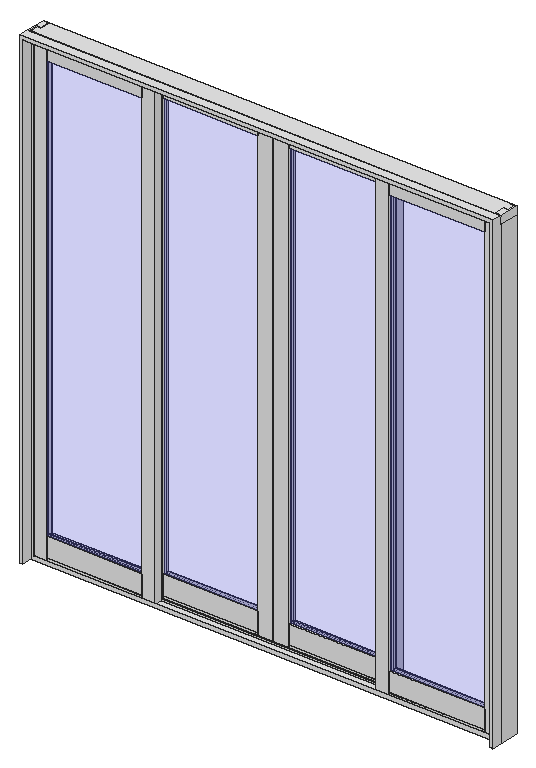
Revit family "Door-Sliding-All_Weather-Series_8100-Bi-Parting", category Doors, host Wall, Revit 2026 (continued)
Definition of nested family "Nested-Panel-All_Weather-Series_8100"
  Definition of nested family "Detail-All_Weather-Series_8100_Post_Right"
    Dimensions and locks (in)
      Masking region 4 sketch curve to plane 5 "Front" to Masking region 4 sketch curve to Masking region 4 sketch curve to Masking region 4 sketch curve to Masking region 4 sketch curve to Masking region 4 sketch curve to Masking region 4 sketch curve to Masking region 4 sketch curve to Masking region 4 sketch curve to Masking region 4 sketch curve to Masking region 4 sketch curve to Masking region 4 sketch curve to Masking region 4 sketch curve to Masking region 4 sketch curve to Masking region 4 sketch curve to Masking region 4 sketch curve to Masking region 4 sketch curve to Masking region 4 sketch curve to Masking region 4 sketch curve to Masking region 4 sketch curve to Masking region 4 sketch curve to Masking region 4 sketch curve to Masking region 4 sketch curve to Masking region 4 sketch curve to Masking region 4 sketch curve to Masking region 4 sketch curve to Masking region 4 sketch curve to Masking region 4 sketch curve to Masking region 4 sketch curve to Masking region 4 sketch curve to Masking region 4 sketch curve to Masking region 4 sketch curve to Masking region 4 sketch curve to Masking region 4 sketch curve to Masking region 4 sketch curve to Masking region 4 sketch curve to Masking region 4 sketch curve to Masking region 4 sketch curve to Masking region 4 sketch curve to Masking region 4 sketch curve to Masking region 4 sketch curve to Masking region 4 sketch curve to Masking region 4 sketch curve to Masking region 4 sketch curve to Masking region 4 sketch curve to Masking region 4 sketch curve to Masking region 4 sketch curve to Masking region 4 sketch curve to Masking region 4 sketch curve to Masking region 4 sketch curve to Masking region 4 sketch curve to Masking region 4 sketch curve to Masking region 4 sketch curve to Masking region 4 sketch curve to Masking region 4 sketch curve to Masking region 4 sketch curve to Masking region 4 sketch curve to Masking region 4 sketch curve to Masking region 4 sketch curve to Masking region 4 sketch curve to Masking region 4 sketch curve to Masking region 4 sketch curve to Masking region 4 sketch curve to Masking region 4 sketch curve to Masking region 4 sketch curve to Masking region 4 sketch curve to Masking region 4 sketch curve to Masking region 4 sketch curve to Masking region 4 sketch curve to Masking region 4 sketch curve to Masking region 4 sketch curve to Masking region 4 sketch curve to Masking region 4 sketch curve to Masking region 4 sketch curve to Masking region 4 sketch curve to Masking region 4 sketch curve to Masking region 4 sketch curve to Masking region 4 sketch curve to Masking region 4 sketch curve to Masking region 4 sketch curve to Masking region 4 sketch curve to Masking region 4 sketch curve to Masking region 4 sketch curve to Masking region 4 sketch curve to Masking region 4 sketch curve = 0' - 0.00008" locked, 0' - 0.0359" locked, 0' - 0.03606" locked, 0' - 0.02743" locked, 0' - 0.05308" locked, 0' - 0", 0' - 0", 0' - 0" locked, 0' - 0" locked, 0' - 0.00188" locked, 0' - 0.012" locked, 0' - 0.02" locked, 0' - 0.00969" locked, 0' - 0" locked, 0' - 0" locked, 0' - 0" locked, 0' - 0.00231" locked, 0' - 0.00072" locked, 0' - 0.09784" locked, 0' - 0.00212" locked, 0' - 0.00415" locked, 0' - 0.02031" locked, 0' - 0.01893" locked, 0' - 0.00682" locked, 0' - 0.07255" locked, 0' - 0.00106" locked, 0' - 0.06668" locked, 0' - 0.01343" locked, 0' - 0.04776" locked, 0' - 0.00237" locked, 0' - 0.29744" locked, 0' - 0.07951" locked, 0' - 0.00941" locked, 0' - 0.00189" locked, 0' - 0.06262" locked, 0' - 0.0062" locked, 0' - 0.00485" locked, 0' - 0.01906" locked, 0' - 0.00687" locked, 0' - 0.0297" locked, 0' - 0.00106" locked, 0' - 0.07024" locked, 0' - 0.00231" locked, 0' - 0.00682" locked, 0' - 0.00189" locked, 0' - 0.03081" locked, 0' - 0.0107" locked, 0' - 0.03551" locked, 0' - 0.0065" locked, 0' - 0.00047" locked, 0' - 0.05479" locked, 0' - 0.00111" locked, 0' - 0.00702" locked, 0' - 0.00231" locked, 0' - 0" locked, 0' - 0" locked, 0' - 0" locked, 0' - 0.00183" locked, 0' - 0.02" locked, 0' - 0.01178" locked, 0' - 0.00995" locked, 0' - 0" locked, 0' - 0" locked, 0' - 0" locked, 0' - 0" locked, 0' - 0.0362" locked, 0' - 0.00013" locked, 0' - 0.02445" locked, 0' - 0.03609" locked, 0' - 0.00581" locked, 0' - 0.00665" locked, 0' - 0.00145" locked, 0' - 0" locked, 0' - 0.03388" locked, 0' - 0" locked, 0' - 0.00044" locked, 0' - 0" locked, 0' - 0.06212" locked, 0' - 0.03727" locked, 0' - 0.08051" locked, 0' - 0.01807" locked, 0' - 0.05352" locked, 0' - 0.00916" locked, 0' - 0.03931" locked, 0' - 0.02354" locked
      Masking region 4 sketch curve to Masking region 4 sketch curve to Masking region 4 sketch curve to Masking region 4 sketch curve to Masking region 4 sketch curve to Masking region 4 sketch curve to Masking region 4 sketch curve to Masking region 4 sketch curve to Masking region 4 sketch curve to Masking region 4 sketch curve to Masking region 4 sketch curve to Masking region 4 sketch curve to Masking region 4 sketch curve to Masking region 4 sketch curve to Masking region 4 sketch curve to Masking region 4 sketch curve to Masking region 4 sketch curve to Masking region 4 sketch curve to Masking region 4 sketch curve to Masking region 4 sketch curve to Masking region 4 sketch curve to Masking region 4 sketch curve to Masking region 4 sketch curve to Masking region 4 sketch curve to Masking region 4 sketch curve to Masking region 4 sketch curve to Masking region 4 sketch curve to Masking region 4 sketch curve to Masking region 4 sketch curve to Masking region 4 sketch curve to Masking region 4 sketch curve to Masking region 4 sketch curve to Masking region 4 sketch curve to Masking region 4 sketch curve to Masking region 4 sketch curve to Masking region 4 sketch curve to Masking region 4 sketch curve to Masking region 4 sketch curve to Masking region 4 sketch curve to Masking region 4 sketch curve to Masking region 4 sketch curve to Masking region 4 sketch curve to Masking region 4 sketch curve to Masking region 4 sketch curve to Masking region 4 sketch curve to Masking region 4 sketch curve to Masking region 4 sketch curve to Masking region 4 sketch curve to Masking region 4 sketch curve to Masking region 4 sketch curve to Masking region 4 sketch curve to Masking region 4 sketch curve to Masking region 4 sketch curve to Masking region 4 sketch curve to Masking region 4 sketch curve to Masking region 4 sketch curve to Masking region 4 sketch curve to Masking region 4 sketch curve to Masking region 4 sketch curve to Masking region 4 sketch curve to Masking region 4 sketch curve to Masking region 4 sketch curve to Masking region 4 sketch curve to Masking region 4 sketch curve to Masking region 4 sketch curve to Masking region 4 sketch curve to Masking region 4 sketch curve to Masking region 4 sketch curve to plane 4 "Top" = 0' - 0.07204" locked, 0' - 0.00747" locked, 0' - 0.27829" locked, 0' - 0" locked, 0' - 0.11803" locked, 0' - 0.03106" locked, 0' - 0.06212" locked, 0' - 0.17425" locked, 0' - 0" locked, 0' - 0" locked, 0' - 0.06701" locked, 0' - 0.0125" locked, 0' - 0.01831" locked, 0' - 0.01065" locked, 0' - 0.00786" locked, 0' - 0.39288" locked, 0' - 0" locked, 0' - 0" locked, 0' - 0" locked, 0' - 0.07517" locked, 0' - 0" locked, 0' - 0.04281" locked, 0' - 0.00122" locked, 0' - 0.0083" locked, 0' - 0" locked, 0' - 0.07255" locked, 0' - 0" locked, 0' - 0.0153" locked, 0' - 0.01001" locked, 0' - 0.02064" locked, 0' - 0.02396" locked, 0' - 0.02985" locked, 0' - 0.0027" locked, 0' - 0.00677" locked, 0' - 0.00434" locked, 0' - 0.00783" locked, 0' - 0.01064" locked, 0' - 0.0268" locked, 0' - 0.003" locked, 0' - 0.07718" locked, 0' - 0.00069" locked, 0' - 0" locked, 0' - 0.00434" locked, 0' - 0.06818" locked, 0' - 0.00262" locked, 0' - 0.00122" locked, 0' - 0.02738" locked, 0' - 0.01476" locked, 0' - 0.00312" locked, 0' - 0.00467" locked, 0' - 0.1976" locked, 0' - 0.06328" locked, 0' - 0.0339" locked, 0' - 0.0601" locked, 0' - 0.0339" locked, 0' - 0.0601" locked, 0' - 0.0339" locked, 0' - 0.0601" locked, 0' - 0.02645" locked, 0' - 0.00744" locked, 0' - 0.0601" locked, 0' - 0.0339" locked, 0' - 0.00226" locked, 0' - 0.04456" locked, 0' - 0.02" locked, 0' - 0.01987" locked, 0' - 0" locked, 0' - 0.04124" locked
      Masking region 9 sketch curve to Masking region 9 sketch curve to plane 4 "Top" to Masking region 9 sketch curve to Masking region 9 sketch curve to Masking region 9 sketch curve to Masking region 9 sketch curve = 0' - 0.00025" locked, 0' - 0.075" locked, 0' - 0.06111" locked, 0' - 0" locked, 0' - 0.62125" locked, 0' - 0.10216" locked
      plane 5 "Front" to Masking region 9 sketch curve to Masking region 9 sketch curve to Masking region 9 sketch curve to Masking region 9 sketch curve to Masking region 9 sketch curve to Masking region 9 sketch curve = 0' - 0.11224" locked, 0' - 0.04023" locked, 0' - 0.09593" locked, 0' - 0.99987" locked, 0' - 0.09748" locked, 0' - 0.03893" locked
      plane 1 "Center (Front/Back)" to Masking region 8 sketch curve to Masking region 8 sketch curve to Masking region 8 sketch curve to Masking region 8 sketch curve to Masking region 8 sketch curve to Masking region 8 sketch curve to Masking region 8 sketch curve to Masking region 8 sketch curve to Masking region 8 sketch curve to Masking region 8 sketch curve = 0' - 0.01988" locked, 0' - 0.05963" locked, 0' - 0.03713" locked, 0' - 0.03052" locked, 0' - 0.04224" locked, 0' - 0.12424" locked, 0' - 0.04224" locked, 0' - 0.02674" locked, 0' - 0.01799" locked, 0' - 0.10244" locked
      Masking region 8 sketch curve to Masking region 8 sketch curve to Masking region 8 sketch curve to Masking region 8 sketch curve to Masking region 8 sketch curve to Masking region 8 sketch curve to Masking region 8 sketch curve to Masking region 8 sketch curve to Masking region 8 sketch curve to Masking region 8 sketch curve to plane 6 "Back" = 0' - 0.0497" locked, 0' - 0.14014" locked, 0' - 0.03313" locked, 0' - 0.02651" locked, 0' - 0" locked, 0' - 0.01733" locked, 0' - 0" locked, 0' - 0.03568" locked, 0' - 0" locked, 0' - 0.0973" locked
      Masking region 10 sketch curve to Masking region 10 sketch curve to Masking region 10 sketch curve to plane 6 "Back" to Masking region 10 sketch curve = 0' - 0 1/32" locked, 0' - 0" locked, 0' - 0.14555" locked, 0' - 0.11615" locked
      Masking region 10 sketch curve to Masking region 10 sketch curve to Masking region 10 sketch curve to Masking region 10 sketch curve to plane 1 "Center (Front/Back)" = 0' - 0.05344" locked, 0' - 0 5/64" locked, 0' - 0.05344" locked, 0' - 0.15902" locked
      Masking region 11 sketch curve to Masking region 11 sketch curve to Masking region 11 sketch curve to Masking region 11 sketch curve to plane 6 "Back" = 0' - 0 1/32" locked, 0' - 0" locked, 0' - 0 43/256" locked, 0' - 0.28487" locked
      plane 4 "Top" to Masking region 11 sketch curve to Masking region 11 sketch curve to Masking region 11 sketch curve to Masking region 11 sketch curve = 0' - 0.13731" locked, 0' - 0.05344" locked, 0' - 0 5/64" locked, 0' - 0.05344" locked
      aligned and locked: Masking region 7 sketch curve to plane 4 "Top"
      aligned and locked: Masking region 7 sketch curve to plane 5 "Front"
      aligned and locked: Masking region 7 sketch curve to plane 1 "Center (Front/Back)"
    Automatic sketch dimensions
      Masking region 6 sketch curve to plane 7 "Glass Front" = 0' - 0.04445"
      Masking region 6 sketch curve to Masking region 6 sketch curve = 0' - 0.0008"  (x2)
      Masking region 6 sketch curve to Masking region 6 sketch curve = 0' - 0.00106"
      Masking region 6 sketch curve to Masking region 6 sketch curve = 0' - 0.0315"  (x2)
      Masking region 6 sketch curve to Masking region 6 sketch curve = 0' - 0.01575"  (x2)
      Masking region 6 sketch curve to Masking region 6 sketch curve = 0' - 0.03937"
      Masking region 6 sketch curve to Masking region 6 sketch curve = 0' - 0"  (x8)
      Masking region 8 sketch curve to Masking region 8 sketch curve = 0' - 0.02485"
      Masking region 8 sketch curve to Masking region 8 sketch curve = 0' - 0.0001"
      Masking region 8 sketch curve to Masking region 8 sketch curve = 0' - 0.00013"
      Masking region 4 sketch curve to Masking region 4 sketch curve = 0' - 0.02205"
      Masking region 4 sketch curve to Masking region 4 sketch curve = 0' - 0.0677"
      Masking region 4 sketch curve to Masking region 4 sketch curve = 0' - 0.02745"
      Masking region 4 sketch curve to Masking region 4 sketch curve = 0' - 0.01787"
      Masking region 4 sketch curve to Masking region 4 sketch curve = 0' - 0.04969"
      Masking region 4 sketch curve to Masking region 4 sketch curve = 0' - 0.03205"
      Masking region 4 sketch curve to Masking region 4 sketch curve = 0' - 0.01947"
      plane 3 "Glass Intersection" to Masking region 4 sketch curve = 0' - 0.0697"
      Masking region 4 sketch curve to Masking region 4 sketch curve = 0' - 0.06328"
      Masking region 4 sketch curve to Masking region 4 sketch curve = 0' - 0.0339"  (x4)
      Masking region 4 sketch curve to Masking region 4 sketch curve = 0' - 0.0601"  (x4)
      Masking region 4 sketch curve to Masking region 4 sketch curve = 0' - 0.01001"
      Masking region 4 sketch curve to Masking region 4 sketch curve = 0' - 0.05"
      Masking region 4 sketch curve to Masking region 4 sketch curve = 0' - 0.12"
      Masking region 4 sketch curve to Masking region 4 sketch curve = 0' - 0.00117"
      Masking region 4 sketch curve to Masking region 4 sketch curve = 0' - 0.03114"
      Masking region 4 sketch curve to Masking region 4 sketch curve = 0' - 0.01087"
      Masking region 4 sketch curve to Masking region 4 sketch curve = 0' - 0.04957"
      Masking region 4 sketch curve to plane 4 "Top" = 0' - 0.03444"
      Masking region 4 sketch curve to Masking region 4 sketch curve = 0' - 0 1/256"
      Masking region 4 sketch curve to Masking region 4 sketch curve = 0' - 0"  (x2)
      Masking region 11 sketch curve to Masking region 11 sketch curve = 0' - 0.00916"
      Masking region 11 sketch curve to Masking region 11 sketch curve = 0' - 0.09645"
      Masking region 10 sketch curve to plane 1 "Center (Front/Back)" = 0' - 0.19819"
      Masking region 10 sketch curve to Masking region 10 sketch curve = 0' - 0.10668"
  Definition of nested family "Detail-All_Weather-Series_8100_Door_Header"
    Parameters (values of type "Jamb")
      URL = "https://www.allweatheraa.com/"
      Type Comments = "3 in Ultraglide Rollers"  # constant formula
      Thickness = 0' - 1 1/2"
      Specification = ""
      Profile Offset = 0' - 1 9/256"  # constant formula
      Product Page URL = "https://www.allweatheraa.com/download/4291/"
      Product Name = "Series 8100"  # constant formula
      Product Documentation Link = "https://www.allweatheraa.com/download/4291/"
      Nail Fin Offset = 0' - 1 33/128"  # constant formula
      Jamb = no
      Header = not(Jamb)  # yes
      Model = "Sliding Door"  # constant formula
      Manufacturer = "All Weather Architectural Aluminum"  # constant formula
      Height = 0' - 3 23/128"  # constant formula
      Glass Thickness = 0' - 1"  # constant formula
      Glass = no
      Description = "Jamb"
      Assembly Code = "B2020100"
    Types (2): name | Product Page URL | Description
      Jamb | "https://www.allweatheraa.com/download/4291/" | "Jamb"
      Header | "https://www.allweatheraa.com/doors/series-8100-sliding-doors/" | "Header"
    Reference planes (in)
      plane 1 "Center (Front/Back)": y = -0.67969
      plane 2: z = 0
      plane 3 "Glass Intersection": y = 1.839
      plane 4 "Top": y = 2.5
      plane 5 "Front": x = -1.41797
      plane 6 "Back": x = 0.08205
      plane 7 "Glass Front": x = -1.16804
      plane 8 "Glass Back": x = -0.16804
    Lines and regions (in)
      Masking region 1, in view "Ref. Level", visible <- "Glass", detail levels medium+fine
        outline origin (0.32906, -0.0985, 0) x (1, 0, 0) y (0, 1, 0)
          loop
            line (-1.49711, 3.0985) -> (-1.49711, 1.9375) -> (-1.31827, 1.9375) -> (-1.31827, 3.0985) -> (-1.49711, 3.0985)
          loop
            line (-0.49711, 3.0985) -> (-0.67595, 3.0985) -> (-0.67595, 1.9375) -> (-0.49711, 1.9375) -> (-0.49711, 3.0985)
      Masking region 2, in view "Ref. Level", detail levels fine
        outline origin (0.32906, -0.0985, 0) x (1, 0, 0) y (0, 1, 0)
          loop
            line (-1.31827, 1.95572) -> (-0.67427, 1.95572) -> (-0.67427, 2.1811) -> (-0.70632, 2.1811) -> (-0.70632, 1.9861) -> (-1.28621, 1.9861) -> (-1.28621, 2.1811) -> (-1.31827, 2.1811) -> (-1.31827, 1.95572)
      Masking region 3, in view "Ref. Level", detail levels medium+fine
        outline origin (0.32906, -0.0985, 0) x (1, 0, 0) y (0, 1, 0)
          loop
            line (-1.28621, 2.2971) -> (-1.28621, 1.9861) -> (-0.70632, 1.9861) -> (-0.70632, 2.2971) -> (-1.28621, 2.2971)
          loop
            line (-0.72032, 2.2831) -> (-1.27221, 2.2831) -> (-1.27221, 2.0001) -> (-0.72032, 2.0001) -> (-0.72032, 2.2831)
      Masking region 4, in view "Ref. Level", detail levels medium+fine
        outline origin (-0.99381, 0, 0) x (1, 0, 0) y (0, 1, 0)
          loop
            arc (-0.42416, -0.6197) -> (-0.40541, -0.6629) -> (-0.36157, -0.67969) r 0.06002
            arc (-0.36157, -0.67969) -> (-0.33965, -0.67061) -> (-0.33016, -0.64868) r 0.03101
            line (-0.33016, -0.64868) -> (-0.33016, -0.42982) -> (-0.19159, -0.43487) -> (-0.22118, -0.30581) -> (-0.3021, -0.37372) -> (-0.3021, -0.15701) -> (-0.20502, -0.22107) -> (-0.20502, -0.09816) -> (0.00044, -0.09816) -> (0.00044, 0.29277) -> (0.15762, 0.29277) -> (0.15762, -0.09816) -> (0.22215, -0.09816) -> (0.22215, 0.37229) -> (-0.00148, 0.37229) -> (-0.00148, 1.09215)
            arc (-0.00148, 1.09215) -> (0.0073, 1.11369) -> (0.02863, 1.12296) r 0.03081
            arc (0.02863, 1.12296) -> (0.16708, 1.21722) -> (0.13768, 1.38212) r 0.15405
            arc (0.13768, 1.38212) -> (0.08851, 1.3838) -> (0.08683, 1.33463) r 0.03479
            arc (0.08683, 1.33463) -> (0.02509, 1.19249) -> (-0.03666, 1.33463) r 0.08448
            arc (-0.03666, 1.33463) -> (-0.03771, 1.3832) -> (-0.08628, 1.38336) r 0.03479
            line (-0.08628, 1.38336) -> (-0.20382, 1.38336) -> (-0.20382, 1.50215) -> (-0.3021, 1.44541) -> (-0.3021, 1.65377) -> (-0.22168, 1.59121) -> (-0.14241, 1.71382) -> (-0.33016, 1.70687) -> (-0.33016, 1.924) -> (-0.2205, 1.924) -> (-0.27216, 1.99) -> (-0.27216, 2.02119) -> (-0.223, 2.02119) -> (-0.27216, 2.084) -> (-0.27216, 2.11519) -> (-0.223, 2.11519) -> (-0.27216, 2.178) -> (-0.27216, 2.20919) -> (-0.223, 2.20919) -> (-0.27216, 2.272) -> (-0.27216, 2.30319) -> (-0.223, 2.30319) -> (-0.27216, 2.366) -> (-0.27216, 2.39719) -> (-0.23616, 2.39719) -> (-0.23616, 2.464) -> (-0.35698, 2.464) -> (-0.38816, 2.482)
            arc (-0.38816, 2.482) -> (-0.40616, 2.5) -> (-0.42416, 2.482) r 0.018
            line (-0.42416, 2.482) -> (-0.42416, 1.83943) -> (-0.42416, -0.6197)
          loop
            line (0.84382, 1.38336) -> (0.72628, 1.38336)
            arc (0.72628, 1.38336) -> (0.6777, 1.3832) -> (0.67665, 1.33463) r 0.03479
            arc (0.67665, 1.33463) -> (0.61491, 1.19249) -> (0.55316, 1.33463) r 0.08448
            arc (0.55316, 1.33463) -> (0.55148, 1.3838) -> (0.50232, 1.38212) r 0.03479
            arc (0.50232, 1.38212) -> (0.47291, 1.21722) -> (0.61137, 1.12296) r 0.15405
            arc (0.61137, 1.12296) -> (0.6327, 1.11369) -> (0.64147, 1.09215) r 0.03081
            line (0.64147, 1.09215) -> (0.64147, 0.37229) -> (0.41784, 0.37229) -> (0.41784, -0.09816) -> (0.48238, -0.09816) -> (0.48238, 0.29277) -> (0.63955, 0.29277) -> (0.63955, -0.09816) -> (0.84501, -0.09816) -> (0.84501, -0.22369) -> (0.94283, -0.15602) -> (0.94283, -0.3743) -> (0.86361, -0.31259) -> (0.83257, -0.43526) -> (0.98187, -0.42982) -> (0.98228, -0.64868)
            arc (0.98228, -0.64868) -> (0.99136, -0.67061) -> (1.01329, -0.67969) r 0.03101
            arc (1.01329, -0.67969) -> (1.05712, -0.6629) -> (1.07587, -0.6197) r 0.06002
            line (1.07587, -0.6197) -> (1.07587, 1.83943) -> (1.07587, 2.482)
            arc (1.07587, 2.482) -> (1.05787, 2.5) -> (1.03987, 2.482) r 0.018
            line (1.03987, 2.482) -> (1.00869, 2.464) -> (0.87689, 2.464) -> (0.87689, 2.39719) -> (0.91289, 2.39719) -> (0.91289, 2.366) -> (0.86374, 2.30319) -> (0.91289, 2.30319) -> (0.91289, 2.272) -> (0.86374, 2.20919) -> (0.91289, 2.20919) -> (0.91289, 2.178) -> (0.86374, 2.11519) -> (0.91289, 2.11519) -> (0.91289, 2.084) -> (0.86374, 2.02119) -> (0.91289, 2.02119) -> (0.91289, 1.99) -> (0.85423, 1.924) -> (0.98187, 1.924) -> (0.98187, 1.70687) -> (0.79413, 1.71382) -> (0.86242, 1.59121) -> (0.94283, 1.65377) -> (0.94283, 1.44541) -> (0.83755, 1.50215) -> (0.83755, 1.38336)
      Masking region 5, in view "Ref. Level", detail levels fine
        outline origin (-0.99381, 0.00977, 0) x (1, 0, 0) y (0, 1, 0)
          loop
            arc (-0.17289, 1.57958) -> (-0.19836, 1.58294) -> (-0.2221, 1.59277) r 0.09843
            line (-0.2221, 1.59277) -> (-0.3021, 1.63895) -> (-0.3021, 1.44557) -> (-0.20642, 1.50081)
            arc (-0.20642, 1.50081) -> (-0.19002, 1.50511) -> (-0.17312, 1.50656) r 0.0993
            line (-0.17312, 1.50656) -> (0.82484, 1.50656)
            arc (0.82484, 1.50656) -> (0.84173, 1.50511) -> (0.85814, 1.50081) r 0.0993
            line (0.85814, 1.50081) -> (0.95381, 1.44557) -> (0.95381, 1.63895) -> (0.87382, 1.59277)
            arc (0.87382, 1.59277) -> (0.85008, 1.58294) -> (0.8246, 1.57958) r 0.09843
            line (0.8246, 1.57958) -> (-0.17289, 1.57958)
      Masking region 6, in view "Ref. Level", detail levels fine
        outline origin (-0.99381, -1.80207, 0) x (1, 0, 0) y (0, 1, 0)
          loop
            arc (-0.17289, 1.57958) -> (-0.19836, 1.58294) -> (-0.2221, 1.59277) r 0.09843
            line (-0.2221, 1.59277) -> (-0.3021, 1.63895) -> (-0.3021, 1.44557) -> (-0.20642, 1.50081)
            arc (-0.20642, 1.50081) -> (-0.19002, 1.50511) -> (-0.17312, 1.50656) r 0.0993
            line (-0.17312, 1.50656) -> (0.82484, 1.50656)
            arc (0.82484, 1.50656) -> (0.84173, 1.50511) -> (0.85814, 1.50081) r 0.0993
            line (0.85814, 1.50081) -> (0.95381, 1.44557) -> (0.95381, 1.63895) -> (0.87382, 1.59277)
            arc (0.87382, 1.59277) -> (0.85008, 1.58294) -> (0.8246, 1.57958) r 0.09843
            line (0.8246, 1.57958) -> (-0.17289, 1.57958)
      Masking region 7, in view "Ref. Level", detail levels coarse
        outline origin (0, 0, 0) x (1, 0, 0) y (0, 1, 0)
          loop
            line (-1.41797, -0.67969) -> (0.08205, -0.67969) -> (0.08205, 2.5) -> (-1.41797, 2.5) -> (-1.41797, -0.67969)
      Masking region 8, in view "Ref. Level", detail levels fine
        outline origin (-1.2501, 0.02511, 0) x (1, 0, 0) y (0, 1, 0)
          loop
            line (-0.05572, 2.41906) -> (-0.01362, 2.41906) -> (-0.01362, 1.67368) -> (1.16783, 1.67368) -> (1.16783, 2.41982) -> (1.21484, 2.41982)
            arc (1.21484, 2.41982) -> (1.18014, 2.52328) -> (1.0803, 2.56736) r 0.13511
            line (1.0803, 2.56736) -> (1.0803, 1.79782) -> (0.08044, 1.79782) -> (0.08044, 2.56749)
            arc (0.08044, 2.56749) -> (-0.02027, 2.52321) -> (-0.05572, 2.41906) r 0.13667
      Masking region 9, in view "Ref. Level", detail levels fine
        outline origin (0, 0, 0) x (1, 0, 0) y (0, 1, 0)
          loop
            line (-1.05741, 1.13592) -> (-1.15349, 1.31379) -> (-1.26856, 1.31379) -> (-1.26856, 1.38336) -> (-1.3484, 1.38336) -> (-1.3484, -0.09816) -> (-1.27849, -0.09816) -> (-1.27849, -0.01864) -> (-1.05741, -0.01864) -> (-1.05741, 1.13592)
          loop
            line (-0.29022, 1.13592) -> (-0.29022, -0.01864) -> (-0.06914, -0.01864) -> (-0.06914, -0.09816) -> (0.00076, -0.09816) -> (0.00076, 1.38336) -> (-0.07908, 1.38336) -> (-0.07908, 1.31379) -> (-0.19414, 1.31379) -> (-0.29022, 1.13592)
      detail lines, in view "Ref. Level", visible <- "Jamb", detail levels fine
        curve 1: line (0.16349, 1.38083, 0) -> (0.08205, 1.38083, 0)
        curve 2: arc (0.2013, 1.31314, 0) -> (0.19121, 1.35191, 0) -> (0.16349, 1.38083, 0) r 0.07948
        curve 3: arc (0.16348, -0.01068, 0) -> (0.19166, 0.01904, 0) -> (0.2013, 0.05885, 0) r 0.07951
        curve 4: line (0.2013, 1.31314, 0) -> (0.2013, 0.05885, 0)
        curve 5: line (0.08205, -0.01068, 0) -> (0.16348, -0.01068, 0)
        curve 6: line (0.08205, 0.08871, 0) -> (0.08205, -0.01068, 0)
        curve 7: line (-0.9267, 0.23048, 0) -> (0.08205, 0.08871, 0)
        curve 8: arc (-1.14044, 0.47651, 0) -> (-1.07954, 0.31356, 0) -> (-0.9267, 0.23048, 0) r 0.24847
        curve 9: arc (-0.9267, 1.13962, 0) -> (-1.07954, 1.05654, 0) -> (-1.14044, 0.89358, 0) r 0.24847
        curve 10: line (0.08205, 1.28139, 0) -> (-0.9267, 1.13962, 0)
        curve 11: line (0.08205, 1.38083, 0) -> (0.08205, 1.28139, 0)
        curve 12: line (-1.14044, 0.89358, 0) -> (-1.14044, 0.47651, 0)
        curve 13: line (-1.4994, 1.38083, 0) -> (-1.41797, 1.38083, 0)
        curve 14: arc (-1.53722, 1.31314, 0) -> (-1.52712, 1.35191, 0) -> (-1.4994, 1.38083, 0) r 0.07948
        curve 15: arc (-1.49939, -0.01068, 0) -> (-1.52757, 0.01904, 0) -> (-1.53722, 0.05885, 0) r 0.07951
        curve 16: line (-1.53722, 1.31314, 0) -> (-1.53722, 0.05885, 0)
        curve 17: line (-1.41797, -0.01068, 0) -> (-1.49939, -0.01068, 0)
        curve 18: line (-1.41797, 0.08871, 0) -> (-1.41797, -0.01068, 0)
        curve 19: line (-0.40922, 0.23048, 0) -> (-1.41797, 0.08871, 0)
        curve 20: arc (-0.19547, 0.47651, 0) -> (-0.25637, 0.31356, 0) -> (-0.40922, 0.23048, 0) r 0.24847
        curve 21: arc (-0.40922, 1.13962, 0) -> (-0.25637, 1.05654, 0) -> (-0.19547, 0.89358, 0) r 0.24847
        curve 22: line (-1.41797, 1.28139, 0) -> (-0.40922, 1.13962, 0)
        curve 23: line (-1.41797, 1.38083, 0) -> (-1.41797, 1.28139, 0)
        curve 24: line (-0.19547, 0.89358, 0) -> (-0.19547, 0.47651, 0)
        curve 25: line (-1.24898, 0.78851, 0) -> (-0.22527, 0.78851, 0)
        curve 26: line (-1.24898, 0.55982, 0) -> (-1.24898, 0.78851, 0)
        curve 27: line (-0.22527, 0.55982, 0) -> (-1.24898, 0.55982, 0)
        curve 28: line (-0.22527, 0.78851, 0) -> (-0.22527, 0.55982, 0)
        curve 29: line (-0.97842, -0.29551, 0) -> (-0.43843, -0.29551, 0)
        curve 30: line (-0.97842, 1.07403, 0) -> (-0.97842, -0.29551, 0)
        curve 31: line (-0.43843, 1.07403, 0) -> (-0.97842, 1.07403, 0)
        curve 32: line (-0.43843, -0.29551, 0) -> (-0.43843, 1.07403, 0)
    Dimensions and locks (in)
      plane 4 "Top" to plane 3 "Glass Intersection" = 0' - 0.661"  (x2)
      plane 5 "Front" to plane 6 "Back" = 0' - 1.50002"
      plane 5 "Front" to plane 7 "Glass Front" = 0' - 0.24993"
      "Glass Thickness": plane 7 "Glass Front" to plane 8 "Glass Back"
      Masking region 3 sketch curve to Masking region 3 sketch curve to Masking region 3 sketch curve to Masking region 3 sketch curve to plane 4 "Top" = 0' - 0.014" locked, 0' - 0.283" locked, 0' - 0.014" locked, 0' - 0.3014" locked
      plane 7 "Glass Front" to Masking region 3 sketch curve to Masking region 3 sketch curve to Masking region 3 sketch curve to Masking region 3 sketch curve = 0' - 0.2109" locked, 0' - 0.014" locked, 0' - 0.55189" locked, 0' - 0.014" locked
      plane 7 "Glass Front" to Masking region 2 sketch curve to Masking region 2 sketch curve to Masking region 2 sketch curve to Masking region 2 sketch curve = 0' - 0.17884" locked, 0' - 0.03206" locked, 0' - 0.57989" locked, 0' - 0.03206" locked
      plane 4 "Top" to Masking region 2 sketch curve to Masking region 2 sketch curve to Masking region 2 sketch curve to Masking region 2 sketch curve = 0' - 0.4174" locked, 0' - 0" locked, 0' - 0.195" locked, 0' - 0.03038" locked
      plane 7 "Glass Front" to Masking region 1 sketch curve to Masking region 1 sketch curve to Masking region 1 sketch curve to Masking region 1 sketch curve = 0' - 0" locked, 0' - 0.17884" locked, 0' - 0.64232" locked, 0' - 0.17884" locked
      Masking region 1 sketch curve to Masking region 1 sketch curve to plane 4 "Top" to Masking region 1 sketch curve to Masking region 1 sketch curve = 0' - 0" locked, 0' - 0 1/2" locked, 0' - 0.661" locked, 0' - 0" locked
      plane 1 "Center (Front/Back)" to plane 4 "Top" = 0' - 3 23/128"
      "Height": plane 4 "Top" to plane 1 "Center (Front/Back)"
      plane 4 "Top" to Masking region 4 sketch curve to Masking region 4 sketch curve to Masking region 4 sketch curve to Masking region 4 sketch curve to Masking region 4 sketch curve to Masking region 4 sketch curve to Masking region 4 sketch curve to Masking region 4 sketch curve to Masking region 4 sketch curve to Masking region 4 sketch curve to Masking region 4 sketch curve to Masking region 4 sketch curve to Masking region 4 sketch curve to Masking region 4 sketch curve to Masking region 4 sketch curve to Masking region 4 sketch curve to Masking region 4 sketch curve to Masking region 4 sketch curve to Masking region 4 sketch curve to Masking region 4 sketch curve to Masking region 4 sketch curve to Masking region 4 sketch curve to Masking region 4 sketch curve to Masking region 4 sketch curve to Masking region 4 sketch curve to Masking region 4 sketch curve to Masking region 4 sketch curve to Masking region 4 sketch curve to Masking region 4 sketch curve to Masking region 4 sketch curve to Masking region 4 sketch curve to Masking region 4 sketch curve to Masking region 4 sketch curve to Masking region 4 sketch curve to Masking region 4 sketch curve to Masking region 4 sketch curve to Masking region 4 sketch curve to Masking region 4 sketch curve to Masking region 4 sketch curve to Masking region 4 sketch curve to Masking region 4 sketch curve to Masking region 4 sketch curve to Masking region 4 sketch curve to Masking region 4 sketch curve to Masking region 4 sketch curve to Masking region 4 sketch curve to Masking region 4 sketch curve to Masking region 4 sketch curve to Masking region 4 sketch curve to Masking region 4 sketch curve to Masking region 4 sketch curve to Masking region 4 sketch curve to Masking region 4 sketch curve to Masking region 4 sketch curve to Masking region 4 sketch curve to Masking region 4 sketch curve to Masking region 4 sketch curve to Masking region 4 sketch curve to Masking region 4 sketch curve to Masking region 4 sketch curve to Masking region 4 sketch curve to Masking region 4 sketch curve to Masking region 4 sketch curve to Masking region 4 sketch curve to Masking region 4 sketch curve to Masking region 4 sketch curve to Masking region 4 sketch curve to Masking region 4 sketch curve to Masking region 4 sketch curve to Masking region 4 sketch curve = 0' - 0" locked, 0' - 0" locked, 0' - 0.018" locked, 0' - 0.018" locked, 0' - 0" locked, 0' - 0.06681" locked, 0' - 0" locked, 0' - 0.03119" locked, 0' - 0" locked, 0' - 0.06281" locked, 0' - 0" locked, 0' - 0.03119" locked, 0' - 0" locked, 0' - 0.06281" locked, 0' - 0" locked, 0' - 0.03119" locked, 0' - 0" locked, 0' - 0.06281" locked, 0' - 0" locked, 0' - 0.03119" locked, 0' - 0.06281" locked, 0' - 0.03119" locked, 0' - 0" locked, 0' - 0.066" locked, 0' - 0" locked, 0' - 0.21018" locked, 0' - 0" locked, 0' - 0.00695" locked, 0' - 0" locked, 0' - 0.0531" locked, 0' - 0" locked, 0' - 0.06256" locked, 0' - 0" locked, 0' - 0.08906" locked, 0' - 0" locked, 0' - 0.05674" locked, 0' - 0" locked, 0' - 0.05225" locked, 0' - 0" locked, 0' - 0" locked, 0' - 0" locked, 0' - 0.0098" locked, 0' - 0" locked, 0' - 0.19087" locked, 0' - 0" locked, 0' - 0.06957" locked, 0' - 0.03076" locked, 0' - 0.71987" locked, 0' - 0" locked, 0' - 0.07951" locked, 0' - 0" locked, 0' - 0.39093" locked, 0' - 0" locked, 0' - 0" locked, 0' - 0" locked, 0' - 0.05787" locked, 0' - 0.00098" locked, 0' - 0.06406" locked, 0' - 0.08474" locked, 0' - 0.00678" locked, 0' - 0.06171" locked, 0' - 0.05552" locked, 0' - 0" locked, 0' - 0.00505" locked, 0' - 0.00039" locked, 0' - 0.18445" locked, 0' - 0" locked, 0' - 0.02898" locked, 0' - 0.03101" locked, 0' - 0" locked
      plane 5 "Front" to Masking region 4 sketch curve to Masking region 4 sketch curve to Masking region 4 sketch curve to Masking region 4 sketch curve to Masking region 4 sketch curve to Masking region 4 sketch curve to Masking region 4 sketch curve to Masking region 4 sketch curve to Masking region 4 sketch curve to Masking region 4 sketch curve to Masking region 4 sketch curve to Masking region 4 sketch curve to Masking region 4 sketch curve to Masking region 4 sketch curve to Masking region 4 sketch curve to Masking region 4 sketch curve to Masking region 4 sketch curve to Masking region 4 sketch curve to Masking region 4 sketch curve to Masking region 4 sketch curve to Masking region 4 sketch curve to Masking region 4 sketch curve to Masking region 4 sketch curve to Masking region 4 sketch curve to Masking region 4 sketch curve to Masking region 4 sketch curve to Masking region 4 sketch curve to Masking region 4 sketch curve to Masking region 4 sketch curve to Masking region 4 sketch curve to Masking region 4 sketch curve to Masking region 4 sketch curve to Masking region 4 sketch curve to Masking region 4 sketch curve to Masking region 4 sketch curve to Masking region 4 sketch curve to Masking region 4 sketch curve to Masking region 4 sketch curve to Masking region 4 sketch curve to Masking region 4 sketch curve to Masking region 4 sketch curve to Masking region 4 sketch curve to Masking region 4 sketch curve to Masking region 4 sketch curve to Masking region 4 sketch curve to Masking region 4 sketch curve to Masking region 4 sketch curve to Masking region 4 sketch curve to Masking region 4 sketch curve to Masking region 4 sketch curve to Masking region 4 sketch curve to Masking region 4 sketch curve to Masking region 4 sketch curve to Masking region 4 sketch curve to Masking region 4 sketch curve to Masking region 4 sketch curve to Masking region 4 sketch curve to Masking region 4 sketch curve to Masking region 4 sketch curve to Masking region 4 sketch curve to Masking region 4 sketch curve to Masking region 4 sketch curve to Masking region 4 sketch curve to Masking region 4 sketch curve to Masking region 4 sketch curve to Masking region 4 sketch curve to Masking region 4 sketch curve to Masking region 4 sketch curve to Masking region 4 sketch curve to Masking region 4 sketch curve to Masking region 4 sketch curve = 0' - 0" locked, 0' - 0" locked, 0' - 0.036" locked, 0' - 0.02658" locked, 0' - 0.0046" locked, 0' - 0.02682" locked, 0' - 0" locked, 0' - 0.02806" locked, 0' - 0" locked, 0' - 0" locked, 0' - 0.02994" locked, 0' - 0" locked, 0' - 0" locked, 0' - 0" locked, 0' - 0" locked, 0' - 0.036" locked, 0' - 0.01315" locked, 0' - 0" locked, 0' - 0" locked, 0' - 0" locked, 0' - 0.00132" locked, 0' - 0.0005" locked, 0' - 0.00068" locked, 0' - 0.01549" locked, 0' - 0.00119" locked, 0' - 0.01224" locked, 0' - 0.04917" locked, 0' - 0.05613" locked, 0' - 0.05899" locked, 0' - 0.02582" locked, 0' - 0.00192" locked, 0' - 0.07703" locked, 0' - 0.0321" locked, 0' - 0.04805" locked, 0' - 0.02152" locked, 0' - 0.04301" locked, 0' - 0.19569" locked, 0' - 0.04301" locked, 0' - 0.02152" locked, 0' - 0.04805" locked, 0' - 0.0321" locked, 0' - 0.07703" locked, 0' - 0.00192" locked, 0' - 0.02582" locked, 0' - 0.12684" locked, 0' - 0.03845" locked, 0' - 0.00497" locked, 0' - 0.00746" locked, 0' - 0" locked, 0' - 0.00922" locked, 0' - 0.00819" locked, 0' - 0.00119" locked, 0' - 0.00013" locked, 0' - 0" locked, 0' - 0" locked, 0' - 0" locked, 0' - 0.01315" locked, 0' - 0.036" locked, 0' - 0" locked, 0' - 0" locked, 0' - 0" locked, 0' - 0" locked, 0' - 0.02994" locked, 0' - 0" locked, 0' - 0" locked, 0' - 0.03903" locked, 0' - 0" locked, 0' - 0.02682" locked, 0' - 0.0046" locked, 0' - 0.02658" locked, 0' - 0.036" locked
      plane 5 "Front" to Masking region 5 sketch curve to Masking region 5 sketch curve to Masking region 5 sketch curve to Masking region 5 sketch curve to Masking region 5 sketch curve to Masking region 5 sketch curve to Masking region 5 sketch curve to Masking region 5 sketch curve to Masking region 5 sketch curve to Masking region 5 sketch curve = 0' - 0.12206" locked, 0' - 0.07999" locked, 0' - 0.01568" locked, 0' - 0.0333" locked, 0' - 0.00023" locked, 0' - 0.99749" locked, 0' - 0.00023" locked, 0' - 0.0333" locked, 0' - 0.01568" locked, 0' - 0.07999" locked
      plane 4 "Top" to Masking region 5 sketch curve to Masking region 5 sketch curve to Masking region 5 sketch curve to Masking region 5 sketch curve to Masking region 5 sketch curve to Masking region 5 sketch curve to Masking region 5 sketch curve to Masking region 5 sketch curve to Masking region 5 sketch curve to Masking region 5 sketch curve = 0' - 0.85128" locked, 0' - 0" locked, 0' - 0.04618" locked, 0' - 0" locked, 0' - 0.01319" locked, 0' - 0.07302" locked, 0' - 0.00575" locked, 0' - 0" locked, 0' - 0.05524" locked, 0' - 0" locked
      plane 5 "Front" to Masking region 6 sketch curve to Masking region 6 sketch curve to Masking region 6 sketch curve to Masking region 6 sketch curve to Masking region 6 sketch curve to Masking region 6 sketch curve to Masking region 6 sketch curve to Masking region 6 sketch curve to Masking region 6 sketch curve to Masking region 6 sketch curve = 0' - 0.12206" locked, 0' - 0.07999" locked, 0' - 0.01568" locked, 0' - 0.0333" locked, 0' - 0.00023" locked, 0' - 0.99749" locked, 0' - 0.00023" locked, 0' - 0.0333" locked, 0' - 0.01568" locked, 0' - 0.07999" locked
      plane 5 "Front" to Masking region 8 sketch curve to Masking region 8 sketch curve to Masking region 8 sketch curve to Masking region 8 sketch curve to Masking region 8 sketch curve to Masking region 8 sketch curve = 0' - 0.11215" locked, 0' - 0.0421" locked, 0' - 0.09407" locked, 0' - 0.99986" locked, 0' - 0.08753" locked, 0' - 0.04701" locked
      Masking region 8 sketch curve to Masking region 8 sketch curve to plane 4 "Top" to Masking region 8 sketch curve to Masking region 8 sketch curve to Masking region 8 sketch curve to Masking region 8 sketch curve = 0' - 0.00013" locked, 0' - 0.09246" locked, 0' - 0.05508" locked, 0' - 0.00075" locked, 0' - 0.62125" locked, 0' - 0.12414" locked
      Masking region 9 sketch curve to Masking region 9 sketch curve to Masking region 9 sketch curve to Masking region 9 sketch curve to Masking region 9 sketch curve to Masking region 9 sketch curve to Masking region 9 sketch curve to Masking region 9 sketch curve to Masking region 9 sketch curve to plane 1 "Center (Front/Back)" = 0' - 0" locked, 0' - 0.06957" locked, 0' - 0" locked, 0' - 0.17787" locked, 0' - 1.15456" locked, 0' - 0" locked, 0' - 0.07951" locked, 0' - 0" locked, 0' - 0.58153" locked
      plane 5 "Front" to Masking region 9 sketch curve to Masking region 9 sketch curve to Masking region 9 sketch curve to Masking region 9 sketch curve to Masking region 9 sketch curve to Masking region 9 sketch curve to Masking region 9 sketch curve to Masking region 9 sketch curve to Masking region 9 sketch curve = 0' - 0.06957" locked, 0' - 0.0699" locked, 0' - 0.00994" locked, 0' - 0.11506" locked, 0' - 0.09608" locked, 0' - 0.76719" locked, 0' - 0.21115" locked, 0' - 0.00994" locked, 0' - 0.0699" locked
      plane 1 "Center (Front/Back)" to Masking region 6 sketch curve to Masking region 6 sketch curve to Masking region 6 sketch curve to Masking region 6 sketch curve to Masking region 6 sketch curve to Masking region 6 sketch curve to Masking region 6 sketch curve to Masking region 6 sketch curve to Masking region 6 sketch curve to Masking region 6 sketch curve = 0' - 0.32319" locked, 0' - 0" locked, 0' - 0.05524" locked, 0' - 0" locked, 0' - 0.00575" locked, 0' - 0.07302" locked, 0' - 0.01319" locked, 0' - 0" locked, 0' - 0.04618" locked, 0' - 0" locked
      plane 1 "Center (Front/Back)" to curve 29 to curve 5 to curve 17 to curve 19 to curve 7 to curve 12 to curve 24 to curve 27 to curve 25 to curve 12 to curve 24 to curve 31 to curve 23 to curve 11 to curve 1 to curve 13 = 0' - 0.38418" locked, 0' - 0.28483" locked, 0' - 0" locked, 0' - 0.09939" locked, 0' - 0" locked, 0' - 0.38781" locked, 0' - 0" locked, 0' - 0.0833" locked, 0' - 0.2287" locked, 0' - 0.10507" locked, 0' - 0" locked, 0' - 0.18045" locked, 0' - 0.20735" locked, 0' - 0" locked, 0' - 0.09944" locked, 0' - 0" locked
      curve 16 to curve 14 to curve 17 to curve 18 to curve 23 to curve 26 to curve 12 to curve 30 to curve 10 to curve 8 to curve 32 to curve 20 to curve 22 to curve 28 to curve 24 to plane 6 "Back" to curve 11 to curve 6 to curve 5 to curve 2 to curve 4 = 0' - 0.03782" locked, 0' - 0" locked, 0' - 0.08142" locked, 0' - 0" locked, 0' - 0.16899" locked, 0' - 0.10854" locked, 0' - 0.16202" locked, 0' - 0.05172" locked, 0' - 0" locked, 0' - 0 125/256" locked, 0' - 0.02921" locked, 0' - 0" locked, 0' - 0.18395" locked, 0' - 0.02979" locked, 0' - 0.27753" locked, 0' - 0" locked, 0' - 0" locked, 0' - 0.08142" locked, 0' - 0" locked, 0' - 0.03782" locked
      aligned and locked: plane 1 "Center (Front/Back)" to Masking region 7 sketch curve
      aligned and locked: plane 5 "Front" to Masking region 7 sketch curve
      aligned and locked: plane 4 "Top" to Masking region 7 sketch curve
      aligned and locked: Masking region 7 sketch curve to plane 6 "Back"
    Automatic sketch dimensions
      Masking region 4 sketch curve to Masking region 4 sketch curve = 0' - 0"  (x12)
      Masking region 4 sketch curve to Masking region 4 sketch curve = 0' - 0.00216"  (x2)
      Masking region 4 sketch curve to Masking region 4 sketch curve = 0' - 0.03081"
      plane 8 "Glass Back" to Masking region 4 sketch curve = 0' - 0.21511"
      Masking region 4 sketch curve to Masking region 4 sketch curve = 0' - 0.0242"
      Masking region 4 sketch curve to Masking region 4 sketch curve = 0' - 0.02898"
      Masking region 4 sketch curve to Masking region 4 sketch curve = 0' - 0.0561"
      Masking region 4 sketch curve to Masking region 4 sketch curve = 0' - 0.06767"
      plane 3 "Glass Intersection" to Masking region 4 sketch curve = 0' - 0.00043"  (x2)
      Masking region 4 sketch curve to Masking region 4 sketch curve = 0' - 0.03119"  (x2)
      Masking region 4 sketch curve to Masking region 4 sketch curve = 0' - 0.00627"
      plane 5 "Front" to curve 15 = 0' - 0.03976"
      curve 30 to curve 9 = 0' - 0.08646"
      curve 21 to curve 31 = 0' - 0.00552"
      curve 3 to plane 6 "Back" = 0' - 0.03976"
      curve 15 to curve 19 = 0' - 0.03167"
      curve 3 to curve 7 = 0' - 0.03167"
      curve 18 to curve 7 = 0' - 0.14177"
      curve 6 to curve 19 = 0' - 0.14177"
      curve 22 to curve 14 = 0' - 0.03176"
      curve 10 to curve 2 = 0' - 0.03176"
      plane 8 "Glass Back" to Masking region 9 sketch curve = 0' - 0.0261"
      Masking region 9 sketch curve to Masking region 9 sketch curve = 0' - 0.17787"
  Definition of nested family "Detail-All_Weather-Series_8100_Post_Left"
    Parameters (values of type "Post Left")
      URL = "https://www.allweatheraa.com/"
      Type Comments = "3 in Ultraglide Rollers"  # constant formula
      Thickness = 0' - 1 57/64"  # constant formula
      Specification = ""
      Profile Offset = 0' - 1 9/256"  # constant formula
      Product Page URL = "https://www.allweatheraa.com/doors/series-8100-sliding-doors/"
      Product Name = "Series 8100"  # constant formula
      Product Documentation Link = "https://www.allweatheraa.com/download/4291/"
      Nail Fin Offset = 0' - 1 33/128"  # constant formula
      Model = "SlidingDoor"  # constant formula
      Manufacturer = "All Weather Architectural Aluminum"  # constant formula
      Height = 0' - 2 79/128"  # constant formula
      Glass Thickness = 0' - 1"  # constant formula
      Glass = no
      Description = "Door Post"  # constant formula
      Assembly Code = "B2020100"
    Reference planes (in)
      plane 1 "Center (Front/Back)": y = -0.11719
      plane 2: z = 0
      plane 3 "Glass Intersection": y = 1.82919
      plane 4 "Top": y = 2.5
      plane 5 "Front": x = -0.16797
      plane 6 "Back": x = 1.72266
      plane 7 "Glass Front": x = 0.0803
      plane 8 "Glass Back": x = 1.0803
    Lines and regions (in)
      Masking region 1, in view "Ref. Level", visible <- "Glass", detail levels medium+fine
        outline origin (0.32906, -0.10831, 0) x (1, 0, 0) y (0, 1, 0)
          loop
            line (-0.24876, 3.10831) -> (-0.24876, 1.9375) -> (-0.06992, 1.9375) -> (-0.06992, 3.10831) -> (-0.24876, 3.10831)
          loop
            line (0.75124, 3.10831) -> (0.5724, 3.10831) -> (0.5724, 1.9375) -> (0.75124, 1.9375) -> (0.75124, 3.10831)
      Masking region 2, in view "Ref. Level", detail levels fine
        outline origin (0.32906, -0.10831, 0) x (1, 0, 0) y (0, 1, 0)
          loop
            line (-0.06992, 1.95572) -> (0.57408, 1.95572) -> (0.57408, 2.1811) -> (0.54202, 2.1811) -> (0.54202, 1.9861) -> (-0.03786, 1.9861) -> (-0.03786, 2.1811) -> (-0.06992, 2.1811) -> (-0.06992, 1.95572)
      Masking region 3, in view "Ref. Level", detail levels medium+fine
        outline origin (0.32906, -0.10831, 0) x (1, 0, 0) y (0, 1, 0)
          loop
            line (-0.03786, 2.2971) -> (-0.03786, 1.9861) -> (0.54202, 1.9861) -> (0.54202, 2.2971) -> (-0.03786, 2.2971)
          loop
            line (0.52802, 2.2831) -> (-0.02386, 2.2831) -> (-0.02386, 2.0001) -> (0.52802, 2.0001) -> (0.52802, 2.2831)
      Masking region 4, in view "Ref. Level", detail levels medium+fine
        outline origin (0, 0, 0) x (1, 0, 0) y (0, 1, 0)
          loop
            line (-0.16805, 2.45876) -> (-0.16805, -0.04556)
            arc (-0.16805, -0.04556) -> (-0.14695, -0.0965) -> (-0.09601, -0.1176) r 0.07204
            line (-0.09601, -0.1176) -> (1.65065, -0.1176)
            arc (1.65065, -0.1176) -> (1.70156, -0.09651) -> (1.72266, -0.04559) r 0.07201
            line (1.72266, -0.04559) -> (1.72266, 0.56939) -> (1.69912, 0.65723)
            arc (1.69912, 0.65723) -> (1.67821, 0.67304) -> (1.65981, 0.65438) r 0.01988
            line (1.65981, 0.65438) -> (1.59756, -0.0178) -> (1.32288, -0.0178) -> (1.32288, 0.30025) -> (1.28909, 0.30025) -> (1.28909, 0.25055) -> (1.23939, 0.25055) -> (1.23939, 0.46921) -> (1.28909, 0.46921) -> (1.28909, 0.41952) -> (1.32288, 0.41952) -> (1.32288, 0.74239) -> (1.21411, 0.73454) -> (1.27465, 0.62607) -> (1.06852, 0.62607) -> (1.12489, 0.72389) -> (1.01581, 0.72389)
            arc (1.01581, 0.72389) -> (0.99402, 0.71487) -> (0.985, 0.69308) r 0.03081
            line (0.985, 0.69308) -> (0.985, 0.62607) -> (0.76208, 0.62607) -> (0.76208, 0.70558) -> (0.68256, 0.70558) -> (0.68256, 0.62607) -> (-0.06858, 0.62607) -> (-0.06858, 1.36064) -> (0.13105, 1.36064) -> (0.13105, 1.21044) -> (0.17445, 1.13528) -> (0.25488, 1.13528) -> (0.18127, 1.26277) -> (0.25382, 1.33533) -> (0.32156, 1.33533) -> (0.38463, 1.26277) -> (0.33499, 1.13528) -> (0.38275, 1.13528)
            arc (0.38275, 1.13528) -> (0.40464, 1.34346) -> (0.19875, 1.38128) r 0.15405
            line (0.19875, 1.38128) -> (0.12893, 1.43509) -> (0.12893, 1.49715) -> (0.03109, 1.44455) -> (0.03109, 1.64754) -> (0.1352, 1.57502) -> (0.15552, 1.7013) -> (-0.01362, 1.69663) -> (-0.01362, 1.89889) -> (0.03038, 1.89889) -> (-0.0155, 1.96218) -> (-0.0155, 1.99608) -> (0.02807, 1.99608) -> (-0.0155, 2.05618) -> (-0.0155, 2.09008) -> (0.02807, 2.09008) -> (-0.0155, 2.15018) -> (-0.0155, 2.18408) -> (0.02807, 2.18408) -> (-0.0155, 2.24418) -> (-0.0155, 2.27808) -> (0.02807, 2.27808) -> (-0.0155, 2.33818) -> (-0.0155, 2.37208) -> (0.01838, 2.37208) -> (0.01838, 2.41889)
            arc (0.01838, 2.41889) -> (0.01252, 2.43304) -> (-0.00162, 2.43889) r 0.02
            line (-0.00162, 2.43889) -> (-0.11002, 2.43889)
            arc (-0.11002, 2.43889) -> (-0.12486, 2.44459) -> (-0.13207, 2.45876) r 0.02217
            arc (-0.13207, 2.45876) -> (-0.15006, 2.47675) -> (-0.16805, 2.45876) r 0.01799
          loop
            line (1.0673, 1.56518) -> (1.2753, 1.56518) -> (1.21399, 1.45672) -> (1.32244, 1.44889) -> (1.32244, 2.46556)
            arc (1.32244, 2.46556) -> (1.3074, 2.48721) -> (1.28712, 2.47036) r 0.01789
            line (1.28712, 2.47036) -> (1.28712, 2.43889) -> (1.15605, 2.43889)
            arc (1.15605, 2.43889) -> (1.14191, 2.43304) -> (1.13605, 2.41889) r 0.02
            line (1.13605, 2.41889) -> (1.13605, 2.36932) -> (1.17778, 2.36932) -> (1.17778, 2.33818) -> (1.13422, 2.27808) -> (1.17778, 2.27808) -> (1.17778, 2.24418) -> (1.13422, 2.18408) -> (1.17778, 2.18408) -> (1.17778, 2.15018) -> (1.13422, 2.09008) -> (1.17778, 2.09008) -> (1.17778, 2.05618) -> (1.13422, 1.99608) -> (1.17778, 1.99608) -> (1.17778, 1.96218) -> (1.13191, 1.89889) -> (1.16783, 1.89889) -> (1.16783, 1.69351) -> (0.84704, 1.69351) -> (0.8661, 1.57502) -> (0.97021, 1.64754) -> (0.97021, 1.44455) -> (0.87297, 1.50103) -> (0.87297, 1.40524)
            arc (0.87297, 1.40524) -> (0.72877, 1.30539) -> (0.77149, 1.13528) r 0.15406
            line (0.77149, 1.13528) -> (0.84219, 1.13528) -> (0.77337, 1.25447) -> (0.836, 1.33533) -> (0.90373, 1.33533) -> (0.97628, 1.26277) -> (0.90267, 1.13528) -> (0.98311, 1.13528) -> (1.0265, 1.21044) -> (1.0265, 1.35062) -> (1.06899, 1.46736) -> (1.12378, 1.46736) -> (1.0673, 1.56518)
      Masking region 5, in view "Ref. Level", detail levels fine
        outline origin (0, 0, 0) x (1, 0, 0) y (0, 1, 0)
          loop
            line (1.14, 0.52668) -> (-0.06858, 0.52668) -> (-0.06858, -0.0178) -> (1.22349, -0.0178) -> (1.22349, 0.15116) -> (1.14, 0.15116) -> (1.14, 0.52668)
      Masking region 6, in view "Ref. Level", detail levels fine
        outline origin (0, 0, 0) x (1, 0, 0) y (0, 1, 0)
          loop
            arc (1.11501, 1.48249) -> (1.1254, 1.43091) -> (1.15716, 1.38897) r 0.11811
            line (1.15716, 1.38897) -> (1.20869, 1.34573)
            arc (1.20869, 1.34573) -> (1.23467, 1.31191) -> (1.24391, 1.27028) r 0.09843
            line (1.24391, 1.27028) -> (1.24391, 0.93507)
            arc (1.24391, 0.93507) -> (1.23467, 0.89345) -> (1.20869, 0.85963) r 0.09843
            line (1.20869, 0.85963) -> (1.15716, 0.81639)
            arc (1.15716, 0.81639) -> (1.1254, 0.77445) -> (1.11501, 0.72287) r 0.11811
            line (1.11501, 0.72287) -> (1.06375, 0.63103) -> (1.11851, 0.63103)
            arc (1.11851, 0.63103) -> (1.13278, 0.63817) -> (1.13561, 0.65389) r 0.01783
            arc (1.13561, 0.65389) -> (1.15827, 0.68418) -> (1.18094, 0.65389) r 0.02362
            arc (1.18094, 0.65389) -> (1.18377, 0.63817) -> (1.19804, 0.63103) r 0.01783
            line (1.19804, 0.63103) -> (1.25395, 0.63103) -> (1.20158, 0.72485)
            arc (1.20158, 0.72485) -> (1.20595, 0.74496) -> (1.21846, 0.7613) r 0.04724
            line (1.21846, 0.7613) -> (1.30465, 0.83362)
            arc (1.30465, 0.83362) -> (1.31502, 0.84714) -> (1.31871, 0.86378) r 0.03937
            line (1.31871, 0.86378) -> (1.31871, 1.34158)
            arc (1.31871, 1.34158) -> (1.31502, 1.35821) -> (1.30465, 1.37173) r 0.03937
            line (1.30465, 1.37173) -> (1.21846, 1.44406)
            arc (1.21846, 1.44406) -> (1.20595, 1.4604) -> (1.20158, 1.48051) r 0.04724
            line (1.20158, 1.48051) -> (1.25395, 1.57433) -> (1.19804, 1.57433)
            arc (1.19804, 1.57433) -> (1.18377, 1.56718) -> (1.18094, 1.55147) r 0.01783
            arc (1.18094, 1.55147) -> (1.15827, 1.52118) -> (1.13561, 1.55147) r 0.02362
            arc (1.13561, 1.55147) -> (1.13278, 1.56718) -> (1.11851, 1.57433) r 0.01783
            line (1.11851, 1.57433) -> (1.06375, 1.57433) -> (1.11501, 1.48249)
          loop
            arc (0.12251, 1.48905) -> (0.17408, 1.49944) -> (0.21603, 1.5312) r 0.11811
            line (0.21603, 1.5312) -> (0.25927, 1.58274)
            arc (0.25927, 1.58274) -> (0.29308, 1.60871) -> (0.33471, 1.61795) r 0.09843
            line (0.33471, 1.61795) -> (0.66992, 1.61795)
            arc (0.66992, 1.61795) -> (0.71155, 1.60871) -> (0.74536, 1.58274) r 0.09843
            line (0.74536, 1.58274) -> (0.78861, 1.5312)
            arc (0.78861, 1.5312) -> (0.83055, 1.49944) -> (0.88212, 1.48905) r 0.11811
            line (0.88212, 1.48905) -> (0.97397, 1.43779) -> (0.97397, 1.49255)
            arc (0.97397, 1.49255) -> (0.96682, 1.50682) -> (0.95111, 1.50965) r 0.01783
            arc (0.95111, 1.50965) -> (0.92082, 1.53232) -> (0.95111, 1.55498) r 0.02362
            arc (0.95111, 1.55498) -> (0.96682, 1.55781) -> (0.97397, 1.57208) r 0.01783
            line (0.97397, 1.57208) -> (0.97397, 1.62799) -> (0.88015, 1.57562)
            arc (0.88015, 1.57562) -> (0.86004, 1.57999) -> (0.84369, 1.5925) r 0.04724
            line (0.84369, 1.5925) -> (0.77137, 1.67869)
            arc (0.77137, 1.67869) -> (0.75785, 1.68906) -> (0.74121, 1.69275) r 0.03937
            line (0.74121, 1.69275) -> (0.26342, 1.69275)
            arc (0.26342, 1.69275) -> (0.24678, 1.68906) -> (0.23326, 1.67869) r 0.03937
            line (0.23326, 1.67869) -> (0.16094, 1.5925)
            arc (0.16094, 1.5925) -> (0.14459, 1.57999) -> (0.12448, 1.57562) r 0.04724
            line (0.12448, 1.57562) -> (0.03066, 1.62799) -> (0.03066, 1.57208)
            arc (0.03066, 1.57208) -> (0.03781, 1.55781) -> (0.05352, 1.55498) r 0.01783
            arc (0.05352, 1.55498) -> (0.08381, 1.53232) -> (0.05352, 1.50965) r 0.02362
            arc (0.05352, 1.50965) -> (0.03781, 1.50682) -> (0.03066, 1.49255) r 0.01783
            line (0.03066, 1.49255) -> (0.03066, 1.43779) -> (0.12251, 1.48905)
      Masking region 7, in view "Ref. Level", detail levels coarse
        outline origin (0, 0, 0) x (1, 0, 0) y (0, 1, 0)
          loop
            line (-0.16797, 2.5) -> (-0.16797, -0.11719) -> (1.32244, -0.11719) -> (1.32244, 2.5) -> (-0.16797, 2.5)
      Masking region 8, in view "Ref. Level", detail levels medium+fine
        outline origin (0, 0, 0) x (1, 0, 0) y (0, 1, 0)
          loop
            line (-0.05572, 2.43889) -> (-0.01362, 2.43889) -> (-0.01362, 1.69351) -> (1.16783, 1.69351) -> (1.16783, 2.43965) -> (1.21484, 2.43965)
            arc (1.21484, 2.43965) -> (1.17568, 2.53522) -> (1.0803, 2.57487) r 0.13454
            line (1.0803, 2.57487) -> (1.0803, 1.81765) -> (0.08044, 1.81765) -> (0.08044, 2.575)
            arc (0.08044, 2.575) -> (-0.01582, 2.53514) -> (-0.05572, 2.43889) r 0.13616
      Masking region 9, in view "Ref. Level", detail levels fine
        outline origin (0, 0, 0) x (1, 0, 0) y (0, 1, 0)
          loop
            line (1.52763, 0.30972) -> (1.27765, 0.32336) -> (1.27765, 0.26992) -> (1.24638, 0.26992) -> (1.24638, 0.45492) -> (1.27765, 0.45492) -> (1.27765, 0.40148) -> (1.52372, 0.4149) -> (1.52372, 0.30993)
    Dimensions and locks (in)
      plane 4 "Top" to plane 3 "Glass Intersection" = 0' - 0.67081"
      "Thickness": plane 5 "Front" to plane 6 "Back"
      locked: plane 5 "Front" to plane 7 "Glass Front" at 0.24827
      "Glass Thickness": plane 7 "Glass Front" to plane 8 "Glass Back"
      Masking region 3 sketch curve to Masking region 3 sketch curve to Masking region 3 sketch curve to Masking region 3 sketch curve to plane 4 "Top" = 0' - 0.014" locked, 0' - 0.283" locked, 0' - 0.014" locked, 0' - 0.31121"
      plane 7 "Glass Front" to Masking region 3 sketch curve to Masking region 3 sketch curve to Masking region 3 sketch curve to Masking region 3 sketch curve = 0' - 0.2109" locked, 0' - 0.014" locked, 0' - 0.55189" locked, 0' - 0.014" locked
      plane 7 "Glass Front" to Masking region 2 sketch curve to Masking region 2 sketch curve to Masking region 2 sketch curve to Masking region 2 sketch curve = 0' - 0.17884" locked, 0' - 0.03206" locked, 0' - 0.57989" locked, 0' - 0.03206" locked
      plane 4 "Top" to Masking region 2 sketch curve to Masking region 2 sketch curve to Masking region 2 sketch curve to Masking region 2 sketch curve = 0' - 0.42721" locked, 0' - 0" locked, 0' - 0.195" locked, 0' - 0.03038" locked
      plane 7 "Glass Front" to Masking region 1 sketch curve to Masking region 1 sketch curve to Masking region 1 sketch curve to Masking region 1 sketch curve = 0' - 0" locked, 0' - 0.17884" locked, 0' - 0.64232" locked, 0' - 0.17884" locked
      Masking region 1 sketch curve to Masking region 1 sketch curve to plane 4 "Top" to Masking region 1 sketch curve to Masking region 1 sketch curve = 0' - 0" locked, 0' - 0 1/2" locked, 0' - 0.67081" locked, 0' - 0" locked
      plane 1 "Center (Front/Back)" to plane 4 "Top" = 0' - 2 79/128"
      "Height": plane 4 "Top" to plane 1 "Center (Front/Back)"
      locked: plane 4 "Top" to plane 3 "Glass Intersection" at 0.67081
      plane 4 "Top" to Masking region 5 sketch curve to Masking region 5 sketch curve to Masking region 5 sketch curve = 0' - 1.97332" locked, 0' - 0.37551" locked, 0' - 0.16896" locked
      plane 5 "Front" to Masking region 5 sketch curve to Masking region 5 sketch curve to Masking region 5 sketch curve = 0' - 0.09939" locked, 0' - 1.20858" locked, 0' - 0.08349" locked
      plane 4 "Top" to Masking region 6 sketch curve to Masking region 6 sketch curve to Masking region 6 sketch curve to Masking region 6 sketch curve to Masking region 6 sketch curve to Masking region 6 sketch curve to Masking region 6 sketch curve to Masking region 6 sketch curve to Masking region 6 sketch curve to Masking region 6 sketch curve to Masking region 6 sketch curve to Masking region 6 sketch curve to Masking region 6 sketch curve to Masking region 6 sketch curve to Masking region 6 sketch curve to Masking region 6 sketch curve to Masking region 6 sketch curve to Masking region 6 sketch curve to Masking region 6 sketch curve to Masking region 6 sketch curve to Masking region 6 sketch curve to Masking region 6 sketch curve to Masking region 6 sketch curve to Masking region 6 sketch curve to Masking region 6 sketch curve to Masking region 6 sketch curve to Masking region 6 sketch curve to Masking region 6 sketch curve to Masking region 6 sketch curve to Masking region 6 sketch curve to Masking region 6 sketch curve to Masking region 6 sketch curve to Masking region 6 sketch curve to Masking region 6 sketch curve to Masking region 6 sketch curve to Masking region 6 sketch curve to Masking region 6 sketch curve to Masking region 6 sketch curve to Masking region 6 sketch curve to Masking region 6 sketch curve to Masking region 6 sketch curve to Masking region 6 sketch curve to Masking region 6 sketch curve to Masking region 6 sketch curve to Masking region 6 sketch curve to Masking region 6 sketch curve to Masking region 6 sketch curve to Masking region 6 sketch curve to Masking region 6 sketch curve to Masking region 6 sketch curve to Masking region 6 sketch curve = 0' - 0.80725" locked, 0' - 0.01406" locked, 0' - 0.0507" locked, 0' - 0" locked, 0' - 0.01004" locked, 0' - 0.02545" locked, 0' - 0" locked, 0' - 0.00976" locked, 0' - 0" locked, 0' - 0.00711" locked, 0' - 0" locked, 0' - 0.00129" locked, 0' - 0" locked, 0' - 0.00225" locked, 0' - 0" locked, 0' - 0.01711" locked, 0' - 0" locked, 0' - 0.00351" locked, 0' - 0" locked, 0' - 0.02027" locked, 0' - 0" locked, 0' - 0.01002" locked, 0' - 0.01153" locked, 0' - 0" locked, 0' - 0.01711" locked, 0' - 0" locked, 0' - 0.0035" locked, 0' - 0" locked, 0' - 0.00656" locked, 0' - 0.00198" locked, 0' - 0.03646" locked, 0' - 0.00627" locked, 0' - 0" locked, 0' - 0.04882" locked, 0' - 0.01723" locked, 0' - 0.02601" locked, 0' - 0.00415", 0' - 0.07129", 0' - 0.33521", 0' - 0.07129" locked, 0' - 0.00415" locked, 0' - 0.02601" locked, 0' - 0.01723" locked, 0' - 0.05509", 0' - 0.03646", 0' - 0.00198" locked, 0' - 0.0387", 0' - 0.03029", 0' - 0" locked, 0' - 0.02286", 0' - 0" locked
